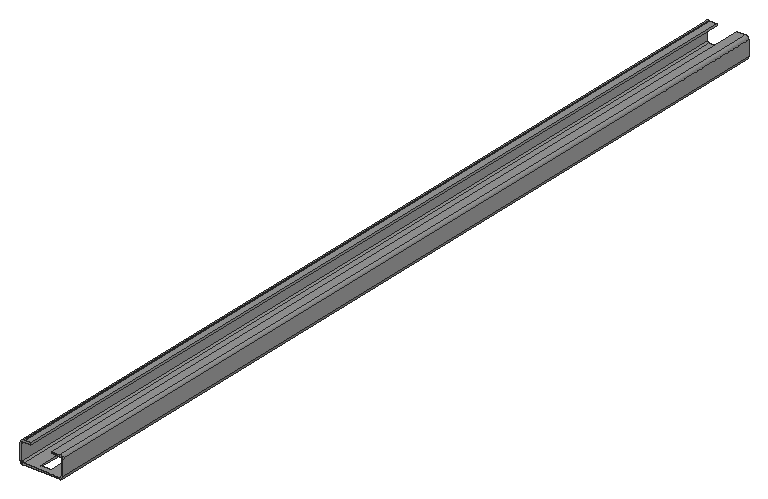
Revit family "Profilschiene- CML3518P0700 FT,FS", category Generic Models, Revit 2017
Family settings
  Can host rebar = No
  Round Connector Dimension = Use Diameter
  Part Type = Normal
  Work Plane-Based = No
  Always vertical = Yes
  Cut with Voids When Loaded = No
  Shared = No
  Room Calculation Point = No
Parameters (values of type "CML3518P0700FT")
  Width 1 = 35 mm / 2  # 17.5 mm
  Width = 35 mm
  URL = "http://www.obo-bettermann.com"
  Material = Hot-dip galvanised
  Manufacturer Art.No. = "1104562"
  Manufacturer = "OBO Bettermann"
  Length = 700 mm
  GTIN = "4012196470877"
  Cut's space = 50 mm
  Cut's number = Length / Cut's space  # 14
  Article Type = "CML3518P0700FT"
Types (3, lengths in mm): name | Material | Manufacturer Art.No. | GTIN | Article Type
  (no name) | Hot-dip galvanised | "1104562" | "4012196470877" | "CML3518P0700FT"
  CML3518P0700FS | Strip-galvanised | "1104315" | "4012195036739" | "CML3518P0700FS"
  CML3518P0700FT | Hot-dip galvanised | "1104562" | "4012196470877" | "CML3518P0700FT"
Reference planes
  plane 1 "Center (Front/Back)": y = 0
  plane 2: z = 0
  plane 3 "Center (Left/Right)": x = 0
  plane 4: z = 18
  plane 5: y = 14
  plane 6: y = 39
  plane 7: y = 45
  plane 8: y = 33
  plane 9: y = 39
  plane 10: y = 64
  plane 11: y = 89
  plane 12: y = 95
  plane 13: y = 83
  plane 14: y = 139
  plane 15: y = 145
  plane 16: y = 133
  plane 17: y = 189
  plane 18: y = 195
  plane 19: y = 183
  plane 20: y = 239
  plane 21: y = 245
  plane 22: y = 233
  plane 23: y = 289
  plane 24: y = 295
  plane 25: y = 283
  plane 26: y = 339
  plane 27: y = 345
  plane 28: y = 333
  plane 29: y = 389
  plane 30: y = 395
  plane 31: y = 383
  plane 32: y = 439
  plane 33: y = 445
  plane 34: y = 433
  plane 35: y = 489
  plane 36: y = 495
  plane 37: y = 483
  plane 38: y = 539
  plane 39: y = 545
  plane 40: y = 533
  plane 41: y = 589
  plane 42: y = 595
  plane 43: y = 583
  plane 44: y = 639
  plane 45: y = 645
  plane 46: y = 633
  plane 47: y = 689
  plane 48: y = 695
  plane 49: y = 683
Forms (mm)
  Extrusion 1, solid, material "Hot-dip galvanised" <- "Material"
    sketch origin (0, 0, 0) x (1, 0, 0) y (0, 0, 1)
      loop
        line (-15, 0) -> (15, 0)
        arc (15, 0) -> (16.768, 0.732) -> (17.5, 2.5) r 2.5
        line (17.5, 2.5) -> (17.5, 15.516)
        arc (17.5, 15.516) -> (16.798, 17.253) -> (15.087, 18.015) r 2.5
        line (15.087, 18.015) -> (8.459, 18.015) -> (8.459, 16.715) -> (15.06, 16.715)
        arc (15.06, 16.715) -> (15.87, 16.343) -> (16.2, 15.516) r 1.2
        line (16.2, 15.516) -> (16.2, 2.55)
        arc (16.2, 2.55) -> (15.834, 1.666) -> (14.95, 1.3) r 1.25
        line (14.95, 1.3) -> (-14.95, 1.3)
        arc (-14.95, 1.3) -> (-15.834, 1.666) -> (-16.2, 2.55) r 1.25
        line (-16.2, 2.55) -> (-16.2, 15.5)
        arc (-16.2, 15.5) -> (-15.849, 16.349) -> (-15, 16.7) r 1.2
        line (-15, 16.7) -> (-8.541, 16.7) -> (-8.541, 18) -> (-15, 18)
        arc (-15, 18) -> (-16.768, 17.268) -> (-17.5, 15.5) r 2.5
        line (-17.5, 15.5) -> (-17.5, 2.5)
        arc (-17.5, 2.5) -> (-16.768, 0.732) -> (-15, 0) r 2.5
    from -700 to 0
  Extrusion 2, void
    sketch origin (0, 0, 0) x (1, 0, 0) y (0, 1, 0)
      loop
        arc (-3.85, 24) -> (-4.204, 23.854) -> (-4.35, 23.5) r 0.5
        line (-4.35, 23.5) -> (-4.35, 4.5)
        arc (-4.35, 4.5) -> (-4.204, 4.146) -> (-3.85, 4) r 0.5
        line (-3.85, 4) -> (3.85, 4)
        arc (3.85, 4) -> (4.204, 4.146) -> (4.35, 4.5) r 0.5
        line (4.35, 4.5) -> (4.35, 23.5)
        arc (4.35, 23.5) -> (4.204, 23.854) -> (3.85, 24) r 0.5
        line (3.85, 24) -> (-3.85, 24)
      loop
        arc (-3.25, 36.248) -> (0, 32.998) -> (3.25, 36.248) r 3.25
        line (3.25, 36.248) -> (3.25, 41.75)
        arc (3.25, 41.75) -> (0, 45) -> (-3.25, 41.75) r 3.25
        line (-3.25, 41.75) -> (-3.25, 36.248)
    from 0 to 1.3
  Extrusion 3, void
    sketch origin (0, 50, 0) x (1, 0, 0) y (0, 1, 0)
      loop
        arc (-3.85, 24) -> (-4.204, 23.854) -> (-4.35, 23.5) r 0.5
        line (-4.35, 23.5) -> (-4.35, 4.5)
        arc (-4.35, 4.5) -> (-4.204, 4.146) -> (-3.85, 4) r 0.5
        line (-3.85, 4) -> (3.85, 4)
        arc (3.85, 4) -> (4.204, 4.146) -> (4.35, 4.5) r 0.5
        line (4.35, 4.5) -> (4.35, 23.5)
        arc (4.35, 23.5) -> (4.204, 23.854) -> (3.85, 24) r 0.5
        line (3.85, 24) -> (-3.85, 24)
      loop
        arc (-3.25, 36.248) -> (0, 32.998) -> (3.25, 36.248) r 3.25
        line (3.25, 36.248) -> (3.25, 41.75)
        arc (3.25, 41.75) -> (0, 45) -> (-3.25, 41.75) r 3.25
        line (-3.25, 41.75) -> (-3.25, 36.248)
    from 0 to 1.3
  Extrusion 4, void
    sketch origin (0, 100, 0) x (1, 0, 0) y (0, 1, 0)
      loop
        arc (-3.85, 24) -> (-4.204, 23.854) -> (-4.35, 23.5) r 0.5
        line (-4.35, 23.5) -> (-4.35, 4.5)
        arc (-4.35, 4.5) -> (-4.204, 4.146) -> (-3.85, 4) r 0.5
        line (-3.85, 4) -> (3.85, 4)
        arc (3.85, 4) -> (4.204, 4.146) -> (4.35, 4.5) r 0.5
        line (4.35, 4.5) -> (4.35, 23.5)
        arc (4.35, 23.5) -> (4.204, 23.854) -> (3.85, 24) r 0.5
        line (3.85, 24) -> (-3.85, 24)
      loop
        arc (-3.25, 36.248) -> (0, 32.998) -> (3.25, 36.248) r 3.25
        line (3.25, 36.248) -> (3.25, 41.75)
        arc (3.25, 41.75) -> (0, 45) -> (-3.25, 41.75) r 3.25
        line (-3.25, 41.75) -> (-3.25, 36.248)
    from 0 to 1.3
  Extrusion 5, void
    sketch origin (0, 150, 0) x (1, 0, 0) y (0, 1, 0)
      loop
        arc (-3.85, 24) -> (-4.204, 23.854) -> (-4.35, 23.5) r 0.5
        line (-4.35, 23.5) -> (-4.35, 4.5)
        arc (-4.35, 4.5) -> (-4.204, 4.146) -> (-3.85, 4) r 0.5
        line (-3.85, 4) -> (3.85, 4)
        arc (3.85, 4) -> (4.204, 4.146) -> (4.35, 4.5) r 0.5
        line (4.35, 4.5) -> (4.35, 23.5)
        arc (4.35, 23.5) -> (4.204, 23.854) -> (3.85, 24) r 0.5
        line (3.85, 24) -> (-3.85, 24)
      loop
        arc (-3.25, 36.248) -> (0, 32.998) -> (3.25, 36.248) r 3.25
        line (3.25, 36.248) -> (3.25, 41.75)
        arc (3.25, 41.75) -> (0, 45) -> (-3.25, 41.75) r 3.25
        line (-3.25, 41.75) -> (-3.25, 36.248)
    from 0 to 1.3
  Extrusion 6, void
    sketch origin (0, 200, 0) x (1, 0, 0) y (0, 1, 0)
      loop
        arc (-3.85, 24) -> (-4.204, 23.854) -> (-4.35, 23.5) r 0.5
        line (-4.35, 23.5) -> (-4.35, 4.5)
        arc (-4.35, 4.5) -> (-4.204, 4.146) -> (-3.85, 4) r 0.5
        line (-3.85, 4) -> (3.85, 4)
        arc (3.85, 4) -> (4.204, 4.146) -> (4.35, 4.5) r 0.5
        line (4.35, 4.5) -> (4.35, 23.5)
        arc (4.35, 23.5) -> (4.204, 23.854) -> (3.85, 24) r 0.5
        line (3.85, 24) -> (-3.85, 24)
      loop
        arc (-3.25, 36.248) -> (0, 32.998) -> (3.25, 36.248) r 3.25
        line (3.25, 36.248) -> (3.25, 41.75)
        arc (3.25, 41.75) -> (0, 45) -> (-3.25, 41.75) r 3.25
        line (-3.25, 41.75) -> (-3.25, 36.248)
    from 0 to 1.3
  Extrusion 7, void
    sketch origin (0, 250, 0) x (1, 0, 0) y (0, 1, 0)
      loop
        arc (-3.85, 24) -> (-4.204, 23.854) -> (-4.35, 23.5) r 0.5
        line (-4.35, 23.5) -> (-4.35, 4.5)
        arc (-4.35, 4.5) -> (-4.204, 4.146) -> (-3.85, 4) r 0.5
        line (-3.85, 4) -> (3.85, 4)
        arc (3.85, 4) -> (4.204, 4.146) -> (4.35, 4.5) r 0.5
        line (4.35, 4.5) -> (4.35, 23.5)
        arc (4.35, 23.5) -> (4.204, 23.854) -> (3.85, 24) r 0.5
        line (3.85, 24) -> (-3.85, 24)
      loop
        arc (-3.25, 36.248) -> (0, 32.998) -> (3.25, 36.248) r 3.25
        line (3.25, 36.248) -> (3.25, 41.75)
        arc (3.25, 41.75) -> (0, 45) -> (-3.25, 41.75) r 3.25
        line (-3.25, 41.75) -> (-3.25, 36.248)
    from 0 to 1.3
  Extrusion 8, void
    sketch origin (0, 300, 0) x (1, 0, 0) y (0, 1, 0)
      loop
        arc (-3.85, 24) -> (-4.204, 23.854) -> (-4.35, 23.5) r 0.5
        line (-4.35, 23.5) -> (-4.35, 4.5)
        arc (-4.35, 4.5) -> (-4.204, 4.146) -> (-3.85, 4) r 0.5
        line (-3.85, 4) -> (3.85, 4)
        arc (3.85, 4) -> (4.204, 4.146) -> (4.35, 4.5) r 0.5
        line (4.35, 4.5) -> (4.35, 23.5)
        arc (4.35, 23.5) -> (4.204, 23.854) -> (3.85, 24) r 0.5
        line (3.85, 24) -> (-3.85, 24)
      loop
        arc (-3.25, 36.248) -> (0, 32.998) -> (3.25, 36.248) r 3.25
        line (3.25, 36.248) -> (3.25, 41.75)
        arc (3.25, 41.75) -> (0, 45) -> (-3.25, 41.75) r 3.25
        line (-3.25, 41.75) -> (-3.25, 36.248)
    from 0 to 1.3
  Extrusion 9, void
    sketch origin (0, 350, 0) x (1, 0, 0) y (0, 1, 0)
      loop
        arc (-3.85, 24) -> (-4.204, 23.854) -> (-4.35, 23.5) r 0.5
        line (-4.35, 23.5) -> (-4.35, 4.5)
        arc (-4.35, 4.5) -> (-4.204, 4.146) -> (-3.85, 4) r 0.5
        line (-3.85, 4) -> (3.85, 4)
        arc (3.85, 4) -> (4.204, 4.146) -> (4.35, 4.5) r 0.5
        line (4.35, 4.5) -> (4.35, 23.5)
        arc (4.35, 23.5) -> (4.204, 23.854) -> (3.85, 24) r 0.5
        line (3.85, 24) -> (-3.85, 24)
      loop
        arc (-3.25, 36.248) -> (0, 32.998) -> (3.25, 36.248) r 3.25
        line (3.25, 36.248) -> (3.25, 41.75)
        arc (3.25, 41.75) -> (0, 45) -> (-3.25, 41.75) r 3.25
        line (-3.25, 41.75) -> (-3.25, 36.248)
    from 0 to 1.3
  Extrusion 10, void
    sketch origin (0, 400, 0) x (1, 0, 0) y (0, 1, 0)
      loop
        arc (-3.85, 24) -> (-4.204, 23.854) -> (-4.35, 23.5) r 0.5
        line (-4.35, 23.5) -> (-4.35, 4.5)
        arc (-4.35, 4.5) -> (-4.204, 4.146) -> (-3.85, 4) r 0.5
        line (-3.85, 4) -> (3.85, 4)
        arc (3.85, 4) -> (4.204, 4.146) -> (4.35, 4.5) r 0.5
        line (4.35, 4.5) -> (4.35, 23.5)
        arc (4.35, 23.5) -> (4.204, 23.854) -> (3.85, 24) r 0.5
        line (3.85, 24) -> (-3.85, 24)
      loop
        arc (-3.25, 36.248) -> (0, 32.998) -> (3.25, 36.248) r 3.25
        line (3.25, 36.248) -> (3.25, 41.75)
        arc (3.25, 41.75) -> (0, 45) -> (-3.25, 41.75) r 3.25
        line (-3.25, 41.75) -> (-3.25, 36.248)
    from 0 to 1.3
  Extrusion 11, void
    sketch origin (0, 450, 0) x (1, 0, 0) y (0, 1, 0)
      loop
        arc (-3.85, 24) -> (-4.204, 23.854) -> (-4.35, 23.5) r 0.5
        line (-4.35, 23.5) -> (-4.35, 4.5)
        arc (-4.35, 4.5) -> (-4.204, 4.146) -> (-3.85, 4) r 0.5
        line (-3.85, 4) -> (3.85, 4)
        arc (3.85, 4) -> (4.204, 4.146) -> (4.35, 4.5) r 0.5
        line (4.35, 4.5) -> (4.35, 23.5)
        arc (4.35, 23.5) -> (4.204, 23.854) -> (3.85, 24) r 0.5
        line (3.85, 24) -> (-3.85, 24)
      loop
        arc (-3.25, 36.248) -> (0, 32.998) -> (3.25, 36.248) r 3.25
        line (3.25, 36.248) -> (3.25, 41.75)
        arc (3.25, 41.75) -> (0, 45) -> (-3.25, 41.75) r 3.25
        line (-3.25, 41.75) -> (-3.25, 36.248)
    from 0 to 1.3
  Extrusion 12, void
    sketch origin (0, 500, 0) x (1, 0, 0) y (0, 1, 0)
      loop
        arc (-3.85, 24) -> (-4.204, 23.854) -> (-4.35, 23.5) r 0.5
        line (-4.35, 23.5) -> (-4.35, 4.5)
        arc (-4.35, 4.5) -> (-4.204, 4.146) -> (-3.85, 4) r 0.5
        line (-3.85, 4) -> (3.85, 4)
        arc (3.85, 4) -> (4.204, 4.146) -> (4.35, 4.5) r 0.5
        line (4.35, 4.5) -> (4.35, 23.5)
        arc (4.35, 23.5) -> (4.204, 23.854) -> (3.85, 24) r 0.5
        line (3.85, 24) -> (-3.85, 24)
      loop
        arc (-3.25, 36.248) -> (0, 32.998) -> (3.25, 36.248) r 3.25
        line (3.25, 36.248) -> (3.25, 41.75)
        arc (3.25, 41.75) -> (0, 45) -> (-3.25, 41.75) r 3.25
        line (-3.25, 41.75) -> (-3.25, 36.248)
    from 0 to 1.3
  Extrusion 13, void
    sketch origin (0, 550, 0) x (1, 0, 0) y (0, 1, 0)
      loop
        arc (-3.85, 24) -> (-4.204, 23.854) -> (-4.35, 23.5) r 0.5
        line (-4.35, 23.5) -> (-4.35, 4.5)
        arc (-4.35, 4.5) -> (-4.204, 4.146) -> (-3.85, 4) r 0.5
        line (-3.85, 4) -> (3.85, 4)
        arc (3.85, 4) -> (4.204, 4.146) -> (4.35, 4.5) r 0.5
        line (4.35, 4.5) -> (4.35, 23.5)
        arc (4.35, 23.5) -> (4.204, 23.854) -> (3.85, 24) r 0.5
        line (3.85, 24) -> (-3.85, 24)
      loop
        arc (-3.25, 36.248) -> (0, 32.998) -> (3.25, 36.248) r 3.25
        line (3.25, 36.248) -> (3.25, 41.75)
        arc (3.25, 41.75) -> (0, 45) -> (-3.25, 41.75) r 3.25
        line (-3.25, 41.75) -> (-3.25, 36.248)
    from 0 to 1.3
  Extrusion 14, void
    sketch origin (0, 600, 0) x (1, 0, 0) y (0, 1, 0)
      loop
        arc (-3.85, 24) -> (-4.204, 23.854) -> (-4.35, 23.5) r 0.5
        line (-4.35, 23.5) -> (-4.35, 4.5)
        arc (-4.35, 4.5) -> (-4.204, 4.146) -> (-3.85, 4) r 0.5
        line (-3.85, 4) -> (3.85, 4)
        arc (3.85, 4) -> (4.204, 4.146) -> (4.35, 4.5) r 0.5
        line (4.35, 4.5) -> (4.35, 23.5)
        arc (4.35, 23.5) -> (4.204, 23.854) -> (3.85, 24) r 0.5
        line (3.85, 24) -> (-3.85, 24)
      loop
        arc (-3.25, 36.248) -> (0, 32.998) -> (3.25, 36.248) r 3.25
        line (3.25, 36.248) -> (3.25, 41.75)
        arc (3.25, 41.75) -> (0, 45) -> (-3.25, 41.75) r 3.25
        line (-3.25, 41.75) -> (-3.25, 36.248)
    from 0 to 1.3
  Extrusion 15, void
    sketch origin (0, 650, 0) x (1, 0, 0) y (0, 1, 0)
      loop
        arc (-3.85, 24) -> (-4.204, 23.854) -> (-4.35, 23.5) r 0.5
        line (-4.35, 23.5) -> (-4.35, 4.5)
        arc (-4.35, 4.5) -> (-4.204, 4.146) -> (-3.85, 4) r 0.5
        line (-3.85, 4) -> (3.85, 4)
        arc (3.85, 4) -> (4.204, 4.146) -> (4.35, 4.5) r 0.5
        line (4.35, 4.5) -> (4.35, 23.5)
        arc (4.35, 23.5) -> (4.204, 23.854) -> (3.85, 24) r 0.5
        line (3.85, 24) -> (-3.85, 24)
      loop
        arc (-3.25, 36.248) -> (0, 32.998) -> (3.25, 36.248) r 3.25
        line (3.25, 36.248) -> (3.25, 41.75)
        arc (3.25, 41.75) -> (0, 45) -> (-3.25, 41.75) r 3.25
        line (-3.25, 41.75) -> (-3.25, 36.248)
    from 0 to 1.3
Cuts and joins
  Extrusion 2, Extrusion 3, Extrusion 4, Extrusion 5, Extrusion 6, Extrusion 7, Extrusion 8, Extrusion 9, Extrusion 10, Extrusion 11, Extrusion 12, Extrusion 13, Extrusion 14, Extrusion 15 cuts Extrusion 1
Dimensions and locks
  Extrusion 1 sketch curve to Extrusion 1 sketch curve = 35 mm
  locked: plane 4 to level at 18
  locked: Extrusion 1 to Extrusion 1 at 1.3  (x7)
  locked: Extrusion 1 sketch curve to Extrusion 1 sketch curve at 17
  locked: Extrusion 1 to Extrusion 1 at 17
  locked: Extrusion 1 to Extrusion 1 at 8.959
  locked: Extrusion 1 to Extrusion 1 at 9.041
  "Length": Extrusion 1 to Extrusion 1
  locked: plane 1 "Center (Front/Back)" to plane 5 at 14
  locked: Extrusion 2 sketch curve to Extrusion 2 sketch curve at 8.7
  locked: Extrusion 2 sketch curve to Extrusion 2 sketch curve at 20
  locked: plane 7 to plane 8 at 12
  locked: Extrusion 2 sketch curve to Extrusion 2 sketch curve at 6.5
  locked: cut or joined group 1 (Extrusion 1, Extrusion 2, Extrusion 3, Extrusion 4, Extrusion 5, Extrusion 6, Extrusion 7, Extrusion 8, Extrusion 9, Extrusion 10, Extrusion 11, Extrusion 12, Extrusion 13, Extrusion 14, Extrusion 15) to cut or joined group 1 at 8.998
  locked: cut or joined group 1 to cut or joined group 1 at 21
  plane 9 to plane 5 = 25 mm
  plane 10 to plane 9 = 25 mm
  locked: Extrusion 3 sketch curve to Extrusion 3 sketch curve at 8.7
  locked: Extrusion 3 sketch curve to Extrusion 3 sketch curve at 20
  locked: plane 12 to plane 13 at 12
  locked: Extrusion 3 sketch curve to Extrusion 3 sketch curve at 6.5
  equal spacing: group 1, group 2, group 3, group 4, group 5, group 6, group 7, group 8, group 9, group 10, group 11, group 12, group 13, group 14  (x3)
  locked: Extrusion 4 sketch curve to Extrusion 4 sketch curve at 8.7
  locked: Extrusion 4 sketch curve to Extrusion 4 sketch curve at 20
  locked: plane 15 to plane 16 at 12
  locked: Extrusion 4 sketch curve to Extrusion 4 sketch curve at 6.5
  locked: Extrusion 5 sketch curve to Extrusion 5 sketch curve at 8.7
  locked: Extrusion 5 sketch curve to Extrusion 5 sketch curve at 20
  locked: plane 18 to plane 19 at 12
  locked: Extrusion 5 sketch curve to Extrusion 5 sketch curve at 6.5
  locked: Extrusion 6 sketch curve to Extrusion 6 sketch curve at 8.7
  locked: Extrusion 6 sketch curve to Extrusion 6 sketch curve at 20
  locked: plane 21 to plane 22 at 12
  locked: Extrusion 6 sketch curve to Extrusion 6 sketch curve at 6.5
  locked: Extrusion 7 sketch curve to Extrusion 7 sketch curve at 8.7
  locked: Extrusion 7 sketch curve to Extrusion 7 sketch curve at 20
  locked: plane 24 to plane 25 at 12
  locked: Extrusion 7 sketch curve to Extrusion 7 sketch curve at 6.5
  locked: Extrusion 8 sketch curve to Extrusion 8 sketch curve at 8.7
  locked: Extrusion 8 sketch curve to Extrusion 8 sketch curve at 20
  locked: plane 27 to plane 28 at 12
  locked: Extrusion 8 sketch curve to Extrusion 8 sketch curve at 6.5
  locked: Extrusion 9 sketch curve to Extrusion 9 sketch curve at 8.7
  locked: Extrusion 9 sketch curve to Extrusion 9 sketch curve at 20
  locked: plane 30 to plane 31 at 12
  locked: Extrusion 9 sketch curve to Extrusion 9 sketch curve at 6.5
  locked: Extrusion 10 sketch curve to Extrusion 10 sketch curve at 8.7
  locked: Extrusion 10 sketch curve to Extrusion 10 sketch curve at 20
  locked: plane 33 to plane 34 at 12
  locked: Extrusion 10 sketch curve to Extrusion 10 sketch curve at 6.5
  locked: Extrusion 11 sketch curve to Extrusion 11 sketch curve at 8.7
  locked: Extrusion 11 sketch curve to Extrusion 11 sketch curve at 20
  locked: plane 36 to plane 37 at 12
  locked: Extrusion 11 sketch curve to Extrusion 11 sketch curve at 6.5
  locked: Extrusion 12 sketch curve to Extrusion 12 sketch curve at 8.7
  locked: Extrusion 12 sketch curve to Extrusion 12 sketch curve at 20
  locked: plane 39 to plane 40 at 12
  locked: Extrusion 12 sketch curve to Extrusion 12 sketch curve at 6.5
  locked: Extrusion 13 sketch curve to Extrusion 13 sketch curve at 8.7
  locked: Extrusion 13 sketch curve to Extrusion 13 sketch curve at 20
  locked: plane 42 to plane 43 at 12
  locked: Extrusion 13 sketch curve to Extrusion 13 sketch curve at 6.5
  locked: Extrusion 14 sketch curve to Extrusion 14 sketch curve at 8.7
  locked: Extrusion 14 sketch curve to Extrusion 14 sketch curve at 20
  locked: plane 45 to plane 46 at 12
  locked: Extrusion 14 sketch curve to Extrusion 14 sketch curve at 6.5
  locked: Extrusion 15 sketch curve to Extrusion 15 sketch curve at 8.7
  locked: Extrusion 15 sketch curve to Extrusion 15 sketch curve at 20
  locked: plane 48 to plane 49 at 12
  locked: Extrusion 15 sketch curve to Extrusion 15 sketch curve at 6.5
  aligned and locked: level to plane 2
  aligned and locked: Extrusion 1 sketch curve to level
  aligned and locked: plane 1 "Center (Front/Back)" to Extrusion 1
  aligned and locked: Extrusion 2 to level
  aligned and locked: Extrusion 1 to Extrusion 2
Automatic sketch dimensions
  Extrusion 1 sketch curve to Extrusion 1 sketch curve = 0 mm  (x3)
  Extrusion 1 sketch curve to plane 4 = 2.5 mm
  Extrusion 1 sketch curve to plane 3 "Center (Left/Right)" = 17.5 mm
  Extrusion 1 sketch curve to Extrusion 1 sketch curve = 1.3 mm
  Extrusion 1 sketch curve to Extrusion 1 sketch curve = 1.2 mm  (x3)
  Extrusion 1 sketch curve to Extrusion 1 sketch curve = 0.05 mm  (x2)
  Extrusion 1 sketch curve to plane 4 = 1.3 mm
  Extrusion 1 sketch curve to Extrusion 1 sketch curve = 6.459 mm
  Extrusion 1 sketch curve to plane 4 = 1.285 mm
  plane 3 "Center (Left/Right)" to Extrusion 1 sketch curve = 8.459 mm
  Extrusion 1 sketch curve to Extrusion 1 sketch curve = 2.55 mm
  Extrusion 1 sketch curve to plane 4 = 2.484 mm
  Extrusion 1 sketch curve to Extrusion 1 sketch curve = 2.5 mm
  Extrusion 1 sketch curve to Extrusion 1 sketch curve = 0.06 mm
  Extrusion 2 sketch curve to Extrusion 2 sketch curve = 0.5 mm  (x4)
  Extrusion 2 sketch curve to plane 6 = 2.752 mm
  plane 6 to Extrusion 2 sketch curve = 2.75 mm
  Extrusion 3 sketch curve to Extrusion 3 sketch curve = 0.5 mm  (x4)
  Extrusion 3 sketch curve to plane 11 = 2.752 mm
  plane 11 to Extrusion 3 sketch curve = 2.75 mm
  Extrusion 3 sketch curve to plane 13 = 28.5 mm
  Extrusion 3 sketch curve to Extrusion 3 sketch curve = 0.6 mm
  Extrusion 2 sketch curve to plane 8 = 28.5 mm
  Extrusion 2 sketch curve to Extrusion 2 sketch curve = 0.6 mm
  Extrusion 4 sketch curve to Extrusion 4 sketch curve = 0.5 mm  (x4)
  Extrusion 4 sketch curve to plane 14 = 2.752 mm
  plane 14 to Extrusion 4 sketch curve = 2.75 mm
  Extrusion 4 sketch curve to plane 16 = 28.5 mm
  Extrusion 4 sketch curve to Extrusion 4 sketch curve = 0.6 mm
  Extrusion 5 sketch curve to Extrusion 5 sketch curve = 0.5 mm  (x4)
  Extrusion 5 sketch curve to plane 17 = 2.752 mm
  plane 17 to Extrusion 5 sketch curve = 2.75 mm
  Extrusion 5 sketch curve to plane 19 = 28.5 mm
  Extrusion 5 sketch curve to Extrusion 5 sketch curve = 0.6 mm
  Extrusion 6 sketch curve to Extrusion 6 sketch curve = 0.5 mm  (x4)
  Extrusion 6 sketch curve to plane 20 = 2.752 mm
  plane 20 to Extrusion 6 sketch curve = 2.75 mm
  Extrusion 6 sketch curve to plane 22 = 28.5 mm
  Extrusion 6 sketch curve to Extrusion 6 sketch curve = 0.6 mm
  Extrusion 7 sketch curve to Extrusion 7 sketch curve = 0.5 mm  (x4)
  Extrusion 7 sketch curve to plane 23 = 2.752 mm
  plane 23 to Extrusion 7 sketch curve = 2.75 mm
  Extrusion 7 sketch curve to plane 25 = 28.5 mm
  Extrusion 7 sketch curve to Extrusion 7 sketch curve = 0.6 mm
  Extrusion 8 sketch curve to Extrusion 8 sketch curve = 0.5 mm  (x4)
  Extrusion 8 sketch curve to plane 26 = 2.752 mm
  plane 26 to Extrusion 8 sketch curve = 2.75 mm
  Extrusion 8 sketch curve to plane 28 = 28.5 mm
  Extrusion 8 sketch curve to Extrusion 8 sketch curve = 0.6 mm
  Extrusion 9 sketch curve to Extrusion 9 sketch curve = 0.5 mm  (x4)
  Extrusion 9 sketch curve to plane 29 = 2.752 mm
  plane 29 to Extrusion 9 sketch curve = 2.75 mm
  Extrusion 9 sketch curve to plane 31 = 28.5 mm
  Extrusion 9 sketch curve to Extrusion 9 sketch curve = 0.6 mm
  Extrusion 10 sketch curve to Extrusion 10 sketch curve = 0.5 mm  (x4)
  Extrusion 10 sketch curve to plane 32 = 2.752 mm
  plane 32 to Extrusion 10 sketch curve = 2.75 mm
  Extrusion 10 sketch curve to plane 34 = 28.5 mm
  Extrusion 10 sketch curve to Extrusion 10 sketch curve = 0.6 mm
  Extrusion 11 sketch curve to Extrusion 11 sketch curve = 0.5 mm  (x4)
  Extrusion 11 sketch curve to plane 35 = 2.752 mm
  plane 35 to Extrusion 11 sketch curve = 2.75 mm
  Extrusion 11 sketch curve to plane 37 = 28.5 mm
  Extrusion 11 sketch curve to Extrusion 11 sketch curve = 0.6 mm
  Extrusion 12 sketch curve to Extrusion 12 sketch curve = 0.5 mm  (x4)
  Extrusion 12 sketch curve to plane 38 = 2.752 mm
  plane 38 to Extrusion 12 sketch curve = 2.75 mm
  Extrusion 12 sketch curve to plane 40 = 28.5 mm
  Extrusion 12 sketch curve to Extrusion 12 sketch curve = 0.6 mm
  Extrusion 13 sketch curve to Extrusion 13 sketch curve = 0.5 mm  (x4)
  Extrusion 13 sketch curve to plane 41 = 2.752 mm
  plane 41 to Extrusion 13 sketch curve = 2.75 mm
  Extrusion 13 sketch curve to plane 43 = 28.5 mm
  Extrusion 13 sketch curve to Extrusion 13 sketch curve = 0.6 mm
  Extrusion 14 sketch curve to Extrusion 14 sketch curve = 0.5 mm  (x4)
  Extrusion 14 sketch curve to plane 44 = 2.752 mm
  plane 44 to Extrusion 14 sketch curve = 2.75 mm
  Extrusion 14 sketch curve to plane 46 = 28.5 mm
  Extrusion 14 sketch curve to Extrusion 14 sketch curve = 0.6 mm
  Extrusion 15 sketch curve to Extrusion 15 sketch curve = 0.5 mm  (x4)
  Extrusion 15 sketch curve to plane 47 = 2.752 mm
  plane 47 to Extrusion 15 sketch curve = 2.75 mm
  Extrusion 15 sketch curve to plane 49 = 28.5 mm
  Extrusion 15 sketch curve to Extrusion 15 sketch curve = 0.6 mm
